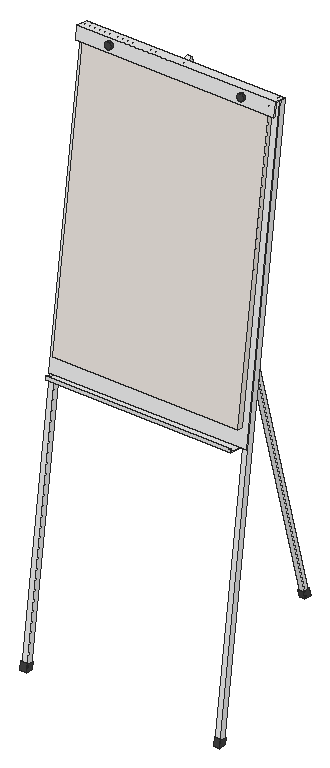
Revit family
Parameters
  Support = Plastique - Noir
  Pieds = Métal - Aluminium
  Papier = Papier - Blanc cassé
  Panneau = Bois - Mélaminé blanc
  Largeur = 600 mm
  Hauteur du tableau = 900 mm
  Hauteur = 1650 mm
  Pieds = Plastique - Noir
  Angle (Côté tableau) = 8.00°
  Angle (Côté pied arrière) = 15.00°
  Afficher le graphique = yes
Reference planes
  plane 1 "Centre (avant/arrière)": y = 0
  plane 2: z = 0
  plane 3 "Centre (gauche/droite)": x = -209.154
  plane 4: z = 1650
  plane 5 "G": x = -509.154
  plane 6 "D": x = 90.846
  plane 7: x = -489.154
  plane 8: x = 70.846
Forms (mm)
  Sweep 1, solid, material "Métal - Aluminium" <- "Pieds"
    path origin (-209.154, 0, 0) x (0, 1, 0) y (0, 0, 1)
      loop
        line (-231.892, 0) -> (0, 1650)
    profile origin (-209.154, -115.946, 825) x (0, -0.990268, 0.139173) y (1, 0, 0)
      loop
        line (0, -300) -> (15, -300) -> (15, -285) -> (0, -285) -> (0, -300)
      loop
        line (0, 300) -> (0, 285) -> (15, 285) -> (15, 300) -> (0, 300)
  Extrusion 2, solid, material "Bois - Mélaminé blanc" <- "Panneau"
    sketch origin (-509.154, 0, 0) x (0, 1, 0) y (0, 0, 1)
      loop
        line (-140.11, 760.846) -> (-14.854, 1652.088) -> (-19.805, 1652.783) -> (-145.061, 761.542) -> (-140.11, 760.846)
    from 0 to 600
  Sweep 3, solid, material "Métal - Aluminium" <- "Pieds"
    path origin (-209.154, 0, 1650) x (0, 0.258819, -0.965926) y (0, 0.965926, 0.258819)
      loop
        line (1708.206, 0) -> (0, 0)
    profile origin (-209.154, 221.058, 825) x (0, -0.965926, -0.258819) y (1, 0, 0)
      loop
        line (-15, -7.5) -> (0, -7.5) -> (0, 7.5) -> (-15, 7.5) -> (-15, -7.5)
  Extrusion 4, solid, material "Métal - Aluminium" <- "Pieds"
    sketch origin (-509.154, 0, 0) x (0, 1, 0) y (0, 0, 1)
      loop
        line (-16.942, 1637.234) -> (-2.088, 1635.146) -> (0, 1650) -> (-14.854, 1652.088) -> (-16.942, 1637.234)
      loop
        line (-140.11, 760.846) -> (-125.256, 758.759) -> (-123.168, 773.613) -> (-138.022, 775.7) -> (-140.11, 760.846)
    from 15 to 585
  Extrusion 5, solid, material "Métal - Aluminium" <- "Pieds"
    sketch origin (-509.154, 0, 0) x (0, 1, 0) y (0, 0, 1)
      loop
        line (0, 1650) -> (0, 1652.02) -> (-36.362, 1657.13) -> (-41.893, 1617.769) -> (-39.913, 1617.491) -> (-34.659, 1654.871) -> (0, 1650)
    from 0 to 600
  Extrusion 6, solid, material "Plastique - Noir" <- "Support"
    sketch origin (-509.154, -41.893, 1617.769) x (0, 0.139173, 0.990268) y (-1, 0, 0)
      loop
        circle (19.874, -100) r 10
      loop
        circle (19.874, -500) r 10
    from 0 to 5
  Extrusion 7, solid, material "Papier - Blanc cassé" <- "Papier"
    sketch origin (-509.154, 0, 0) x (0, 1, 0) y (0, 0, 1)
      loop
        line (-138.184, 811.067) -> (-19.887, 1652.795) -> (-34.659, 1654.871) -> (-152.957, 813.143) -> (-138.184, 811.067)
    from 20 to 580
  Extrusion 8, solid, material "Métal - Aluminium" <- "Pieds"
    sketch origin (-509.154, 0, 0) x (0, 1, 0) y (0, 0, 1)
      loop
        line (-126.047, 758.87) -> (-179.721, 766.413) -> (-179.721, 774.492) -> (-181.721, 774.773) -> (-181.721, 764.675) -> (-126.047, 756.85) -> (-126.047, 758.87)
    from 20 to 580
  Extrusion 9, solid, material "Plastique - Noir" <- "Pieds"
    sketch origin (-509.154, 0, 0) x (0, 1, 0) y (0, 0, 1)
      loop
        line (-229.873, 0) -> (-227.091, 19.796) -> (-245.906, 22.44) -> (-249.059, 0) -> (-229.873, 0)
    from -2 to 17
  Extrusion 10, solid, material "Plastique - Noir"
    sketch origin (90.846, 0, 0) x (0, 1, 0) y (0, 0, 1)
      loop
        line (-227.091, 19.796) -> (-245.906, 22.44) -> (-249.059, 0) -> (-229.873, 0) -> (-227.091, 19.796)
    from 2 to -17
  Extrusion 11, solid, material "Plastique - Noir"
    sketch origin (-209.154, 0, 1650) x (0, 0.258819, -0.965926) y (0, 0.965926, 0.258819)
      loop
        line (1707.67, -2) -> (1712.761, 17) -> (1686.964, 17) -> (1686.964, -2) -> (1707.67, -2)
    from -8.5 to 8.5
Lines and regions (mm)
  reference lines
    curve 1: line (-209.154, 0, 1650) -> (-209.154, -288.588, -403.412)
    curve 2: line (-209.154, 0, 1650) -> (-209.154, 541.028, -369.144)
  model lines, visible <- "Afficher le graphique"
    curve 3: line (-427.055, -49.196, 1551.438) -> (-427.055, -105.987, 1147.347)
    curve 4: line (-427.055, -105.987, 1147.347) -> (42.945, -105.987, 1147.347)
    curve 5: line (-369.112, -107.798, 1134.463) -> (-369.112, -105.987, 1147.347)
    curve 6: line (-311.169, -107.939, 1133.461) -> (-311.169, -105.987, 1147.347)
    curve 7: line (-253.226, -108.08, 1132.459) -> (-253.226, -105.987, 1147.347)
    curve 8: line (-195.283, -108.22, 1131.458) -> (-195.283, -105.987, 1147.347)
    curve 9: line (-137.34, -108.361, 1130.456) -> (-137.34, -105.987, 1147.347)
    curve 10: line (-79.397, -108.502, 1129.455) -> (-79.397, -105.987, 1147.347)
    curve 11: line (-21.454, -108.643, 1128.453) -> (-21.454, -105.987, 1147.347)
    curve 12: line (-427.055, -95.965, 1218.657) -> (-440.055, -95.965, 1218.657)
    curve 13: line (-427.055, -85.943, 1289.968) -> (-441.055, -85.943, 1289.968)
    curve 14: line (-427.055, -75.921, 1361.278) -> (-442.055, -75.921, 1361.278)
    curve 15: line (-427.055, -65.899, 1432.588) -> (-443.055, -65.899, 1432.588)
    curve 16: line (-427.055, -55.877, 1503.898) -> (-444.055, -55.877, 1503.898)
    curve 19: line (-437.055, -51.606, 1534.286) -> (-427.055, -49.196, 1551.438)
    curve 20: line (-427.055, -49.196, 1551.438) -> (-415.725, -51.217, 1537.058)
    curve 21: line (28.529, -104.829, 1155.589) -> (42.945, -105.987, 1147.347)
    curve 22: line (42.945, -105.987, 1147.347) -> (21.2, -107.089, 1139.51)
  model lines, style "Tableau - Ligne rouge", visible <- "Afficher le graphique"
    curve 17: line (-427.055, -105.987, 1147.347) -> (-21.454, -55.893, 1503.789)
  model lines, style "Tableau - Ligne verte", visible <- "Afficher le graphique"
    curve 18: line (-427.055, -105.987, 1147.347) -> (-21.454, -55.893, 1503.789)
  model lines, visible <- "Afficher le graphique", not visible
    curve 23: line (-427.055, -49.196, 1551.438) -> (-427.055, -105.987, 1147.347)
    curve 24: line (-427.055, -105.987, 1147.347) -> (42.945, -105.987, 1147.347)
    curve 25: line (-369.112, -107.798, 1134.463) -> (-369.112, -105.987, 1147.347)
    curve 26: line (-311.169, -107.939, 1133.461) -> (-311.169, -105.987, 1147.347)
    curve 27: line (-253.226, -108.08, 1132.459) -> (-253.226, -105.987, 1147.347)
    curve 28: line (-195.283, -108.22, 1131.458) -> (-195.283, -105.987, 1147.347)
    curve 29: line (-137.34, -108.361, 1130.456) -> (-137.34, -105.987, 1147.347)
    curve 30: line (-79.397, -108.502, 1129.455) -> (-79.397, -105.987, 1147.347)
    curve 31: line (-21.454, -108.643, 1128.453) -> (-21.454, -105.987, 1147.347)
    curve 32: line (-427.055, -95.965, 1218.657) -> (-440.055, -95.965, 1218.657)
    curve 33: line (-427.055, -85.943, 1289.968) -> (-441.055, -85.943, 1289.968)
    curve 34: line (-427.055, -75.921, 1361.278) -> (-442.055, -75.921, 1361.278)
    curve 35: line (-427.055, -65.899, 1432.588) -> (-443.055, -65.899, 1432.588)
    curve 36: line (-427.055, -55.877, 1503.898) -> (-444.055, -55.877, 1503.898)
    curve 39: line (-437.055, -51.606, 1534.286) -> (-427.055, -49.196, 1551.438)
    curve 40: line (-427.055, -49.196, 1551.438) -> (-415.725, -51.217, 1537.058)
    curve 41: line (28.529, -104.829, 1155.589) -> (42.945, -105.987, 1147.347)
    curve 42: line (42.945, -105.987, 1147.347) -> (21.2, -107.089, 1139.51)
  model lines, style "Tableau - Ligne rouge", visible <- "Afficher le graphique", not visible
    curve 37: line (-427.055, -105.987, 1147.347) -> (-21.454, -55.893, 1503.789)
  model lines, style "Tableau - Ligne verte", visible <- "Afficher le graphique", not visible
    curve 38: line (-427.055, -105.987, 1147.347) -> (-21.454, -55.893, 1503.789)
Dimensions and locks
  equal spacing: plane 5 "G", plane 3 "Centre (gauche/droite)", plane 6 "D"
  locked: plane 5 "G" to Sweep 1 sketch curve at 15
  locked: Sweep 1 sketch curve to plane 6 "D" at 15
  locked: profile plane to Sweep 1 sketch curve at 15
  "Largeur": plane 5 "G" to plane 6 "D"
  locked: Extrusion 2 sketch curve to Sweep 1 at 5
  locked: Sweep 3 sketch curve to profile plane at 15
  Sweep 3 sketch curve to curve 2 to Sweep 3 sketch curve = 7.5 mm locked, 7.5 mm locked
  locked: Sweep 1 to Extrusion 4 sketch curve at 15
  "Hauteur": plane 4 to level
  locked: Extrusion 4 sketch curve to Extrusion 4 sketch curve at 15
  locked: Extrusion 5 sketch curve to Extrusion 2 at 2
  locked: Extrusion 5 sketch curve to Extrusion 5 sketch curve at 2
  locked: Extrusion 5 sketch curve to Extrusion 5 sketch curve at 39.747
  locked: Extrusion 5 sketch curve to Extrusion 2 at 15
  equal spacing: Extrusion 5, Extrusion 6 sketch curve, Extrusion 5  (x2)
  locked: Extrusion 6 sketch curve to plane 5 "G" at 100
  locked: plane 6 "D" to Extrusion 6 sketch curve at 100
  "Hauteur du tableau": Extrusion 2 sketch curve to Extrusion 2 sketch curve
  locked: Extrusion 2 to Extrusion 7 sketch curve at 50
  locked: plane 5 "G" to plane 7 at 20
  locked: plane 8 to plane 6 "D" at 20
  locked: Extrusion 8 sketch curve to Extrusion 8 sketch curve at 2  (x2)
  locked: Extrusion 8 sketch curve to Extrusion 8 sketch curve at 10
  locked: Extrusion 8 sketch curve to Sweep 1 at 40
  locked: Extrusion 9 sketch curve to Sweep 1 at 2
  locked: Sweep 1 to Extrusion 9 sketch curve at 2
  locked: Extrusion 9 sketch curve to level at 19.796
  locked: Extrusion 10 sketch curve to Sweep 1 at 2  (x2)
  locked: Extrusion 10 sketch curve to level at 19.796
  locked: Extrusion 11 sketch curve to Sweep 3 at 2
  locked: Sweep 3 to Extrusion 11 sketch curve at 2
  locked: Extrusion 11 sketch curve to level at 20
  locked: curve 11 to Extrusion 4 at 353.409  (x2)
  "Angle (Côté tableau)": angle curve 1 to plane 1 "Centre (avant/arrière)"
  "Angle (Côté pied arrière)": angle plane 1 "Centre (avant/arrière)" to curve 2
  aligned and locked: plane 4 to Sweep 1 sketch curve
  aligned and locked: Sweep 1 sketch curve to curve 1
  aligned and locked: Sweep 1 sketch curve to Sweep 1 sketch curve  (x2)
  aligned and locked: Sweep 1 sketch curve to profile plane
  aligned and locked: Extrusion 2 sketch curve to Sweep 1
  aligned and locked: Sweep 1 to Extrusion 2 sketch curve
  aligned and locked: plane 6 "D" to Extrusion 2
  aligned and locked: Sweep 3 sketch curve to curve 2
  aligned and locked: profile plane to Sweep 3 sketch curve
  aligned and locked: plane 2 to Sweep 3 sketch curve
  aligned and locked: curve 1 to Extrusion 4 sketch curve
  aligned and locked: Extrusion 4 sketch curve to Sweep 1  (x3)
  aligned and locked: Extrusion 2 to Extrusion 4 sketch curve
  aligned and locked: Extrusion 4 to Sweep 1  (x2)
  aligned and locked: Extrusion 4 sketch curve to Extrusion 2
  aligned and locked: Extrusion 5 sketch curve to Sweep 1
  aligned and locked: Extrusion 5 sketch curve to plane 1 "Centre (avant/arrière)"
  aligned and locked: plane 6 "D" to Extrusion 5
  aligned and locked: Extrusion 7 sketch curve to Extrusion 5  (x2)
  aligned and locked: Extrusion 7 to plane 7
  aligned and locked: plane 8 to Extrusion 7
  aligned and locked: Extrusion 8 sketch curve to Extrusion 4
  aligned and locked: Extrusion 8 to Extrusion 7
  aligned and locked: Extrusion 8 to plane 7
  aligned and locked: plane 2 to Extrusion 9 sketch curve
  aligned and locked: plane 2 to Extrusion 10 sketch curve
  aligned and locked: plane 2 to Extrusion 11 sketch curve
Automatic sketch dimensions
  curve 2 to plane 1 "Centre (avant/arrière)" = 0 mm
  curve 2 to plane 4 = 0 mm
  Sweep 1 sketch curve to level = 0 mm
  Sweep 1 sketch curve to Sweep 1 sketch curve = 15 mm  (x2)
  Sweep 3 sketch curve to curve 2 = 0 mm
  Extrusion 7 sketch curve to Extrusion 7 sketch curve = 14.772 mm
  Extrusion 8 sketch curve to Extrusion 8 sketch curve = 53.673 mm
  curve 3 to curve 20 = 14.521 mm
  curve 3 to curve 19 = 17.321 mm
  curve 20 to curve 17 = 33.596 mm
  curve 18 to curve 17 = 0 mm
  curve 16 to curve 15 = 72.011 mm
  curve 15 to curve 14 = 72.011 mm
  curve 14 to curve 13 = 72.011 mm
  curve 13 to curve 12 = 72.011 mm
  curve 17 to curve 21 = 351.622 mm
  curve 21 to curve 10 = 8.323 mm
  curve 21 to curve 22 = 16.237 mm
  curve 5 to curve 5 = 13.011 mm
  curve 6 to curve 6 = 14.023 mm
  curve 7 to curve 7 = 15.034 mm
  curve 8 to curve 8 = 16.046 mm
  curve 9 to curve 9 = 17.057 mm
  curve 10 to curve 10 = 18.068 mm
  curve 11 to curve 11 = 19.08 mm
  curve 16 to curve 15 = 1 mm
  curve 15 to curve 14 = 1 mm
  curve 14 to curve 13 = 1 mm
  curve 13 to curve 12 = 1 mm
  curve 16 to curve 19 = 7 mm
  curve 3 to curve 5 = 57.943 mm
  curve 5 to curve 6 = 57.943 mm
  curve 6 to curve 7 = 57.943 mm
  curve 7 to curve 8 = 57.943 mm
  curve 8 to curve 9 = 57.943 mm
  curve 9 to curve 10 = 57.943 mm
  curve 10 to curve 11 = 57.943 mm
  curve 18 to curve 11 = 0 mm
  curve 17 to curve 18 = 0 mm
  curve 11 to curve 22 = 42.654 mm
  curve 22 to curve 21 = 7.329 mm
  curve 21 to curve 22 = 14.416 mm
  curve 19 to curve 16 = 30.687 mm
  curve 12 to curve 18 = 13 mm
  curve 3 to curve 20 = 11.33 mm
  curve 23 to curve 40 = 14.521 mm
  curve 23 to curve 39 = 17.321 mm
  curve 40 to curve 37 = 33.596 mm
  curve 38 to curve 37 = 0 mm
  curve 36 to curve 35 = 72.011 mm
  curve 35 to curve 34 = 72.011 mm
  curve 34 to curve 33 = 72.011 mm
  curve 33 to curve 32 = 72.011 mm
  curve 37 to curve 41 = 351.622 mm
  curve 41 to curve 30 = 8.323 mm
  curve 41 to curve 42 = 16.237 mm
  curve 25 to curve 25 = 13.011 mm
  curve 26 to curve 26 = 14.023 mm
  curve 27 to curve 27 = 15.034 mm
  curve 28 to curve 28 = 16.046 mm
  curve 29 to curve 29 = 17.057 mm
  curve 30 to curve 30 = 18.068 mm
  curve 31 to curve 31 = 19.08 mm
  curve 36 to curve 35 = 1 mm
  curve 35 to curve 34 = 1 mm
  curve 34 to curve 33 = 1 mm
  curve 33 to curve 32 = 1 mm
  curve 36 to curve 39 = 7 mm
  curve 23 to curve 25 = 57.943 mm
  curve 25 to curve 26 = 57.943 mm
  curve 26 to curve 27 = 57.943 mm
  curve 27 to curve 28 = 57.943 mm
  curve 28 to curve 29 = 57.943 mm
  curve 29 to curve 30 = 57.943 mm
  curve 30 to curve 31 = 57.943 mm
  curve 38 to curve 31 = 0 mm
  curve 37 to curve 38 = 0 mm
  curve 31 to curve 42 = 42.654 mm
  curve 42 to curve 41 = 7.329 mm
  curve 41 to curve 42 = 14.416 mm
  curve 39 to curve 36 = 30.687 mm
  curve 32 to curve 38 = 13 mm
  curve 23 to curve 40 = 11.33 mm
  radius of Extrusion 6 sketch curve = 10 mm  (x2)
